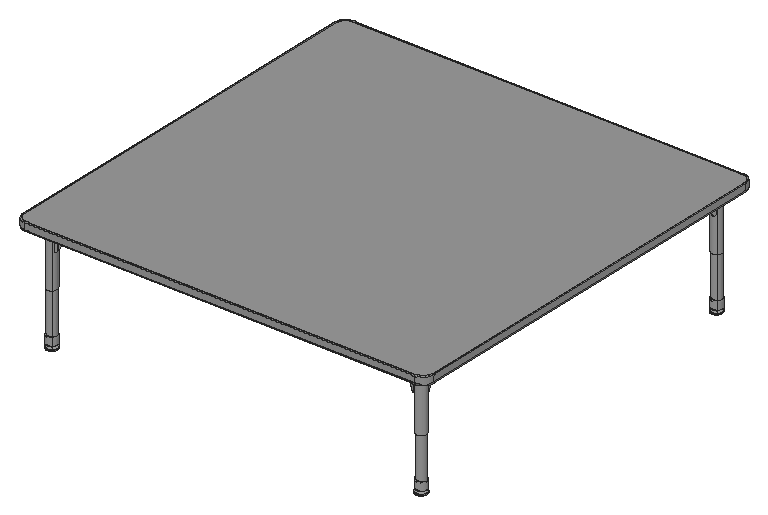
Revit family "Hierarchy Activity 60in Square Table - Youth Height", category Furniture, Revit 2018
Family settings
  Work Plane-Based = No
  Always vertical = Yes
  Cut with Voids When Loaded = No
  Shared = No
  Room Calculation Point = No
Parameters
  Table Height = 1' - 4"
  Surface = Hierarchy Activity 60" Square Table Youth Surface
  Leg Finish = Hierarchy Leg Platinum
  Edgeband = Hierarchy Activity 60" Square Table Youth Edgeband
  Caster/Glide = Hierarchy Youth Leg - Glide : Hierarchy Youth Leg - Glide
Reference planes (in)
  plane 1 "Center (Front/Back)": y = 0
  plane 2: z = 0
  plane 3 "Center (Left/Right)": x = 0
  plane 4: z = 16
Dimensions and locks (in)
  "Table Height": plane 4 to level
  aligned and locked: plane 2 to level
  aligned and locked: nested 1 to plane 4
Nested families (in)
  nested 1: "Activity 60x60 Tabletop" at (0, 0, -7.925), type "Activity 60x60 Tabletop"
  nested 2: "Hierarchy Youth Leg - Glide" at (-27, 27, 0) x (0.7071, 0.7071, 0) z (0, 0, 1), Leg Height <- "Table Height", type <- "Caster/Glide", Leg Finish <- "Leg Finish", type "Hierarchy Youth Leg - Glide"
    with Leg Height 1' - 4", Leg Finish Hierarchy Leg Platinum
  nested 3: "Hierarchy Youth Leg - Glide" at (-27, -27, 0) x (0.7071, -0.7071, 0) z (0, 0, 1), Leg Height <- "Table Height", type <- "Caster/Glide", Leg Finish <- "Leg Finish", type "Hierarchy Youth Leg - Glide"
    with Leg Height 1' - 4", Leg Finish Hierarchy Leg Platinum
  nested 4: "Hierarchy Youth Leg - Glide" at (27, 27, 0) x (-0.7071, 0.7071, 0) z (0, 0, 1), Leg Height <- "Table Height", Leg Finish <- "Leg Finish", type "Hierarchy Youth Leg - Glide"
    with Leg Height 1' - 4", Leg Finish Hierarchy Leg Platinum
  nested 5: "Hierarchy Youth Leg - Glide" at (27, -27, 0) x (-0.7071, -0.7071, 0) z (0, 0, 1), Leg Height <- "Table Height", Leg Finish <- "Leg Finish", type "Hierarchy Youth Leg - Glide"
    with Leg Height 1' - 4", Leg Finish Hierarchy Leg Platinum
Definition of nested family "Activity 60x60 Tabletop"
  Parameters (values of type "Activity 60x60 Tabletop")
    Surface = none
    Edgeband = none
  Reference planes (in)
    plane 1 "Center (Front/Back)": y = 0
    plane 2: z = 0
    plane 3 "Center (Left/Right)": x = 0
  Forms (in)
    Extrusion 1, solid, material <- "Surface"
      sketch origin (0, 3, 0) x (1, 0, 0) y (0, 1, 0)
        loop
          line (28.5, 26.88281) -> (-28.5, 26.88281)
          arc (-28.5, 26.88281) -> (-29.47714, 26.47807) -> (-29.88189, 25.50092) r 1.38189
          line (-29.88189, 25.50092) -> (-29.88189, -31.50092)
          arc (-29.88189, -31.50092) -> (-29.47714, -32.47807) -> (-28.5, -32.88281) r 1.38189
          line (-28.5, -32.88281) -> (28.5, -32.88281)
          arc (28.5, -32.88281) -> (29.47714, -32.47807) -> (29.88189, -31.50092) r 1.38189
          line (29.88189, -31.50092) -> (29.88189, 25.50092)
          arc (29.88189, 25.50092) -> (29.47714, 26.47807) -> (28.5, 26.88281) r 1.38189
      from 23.925 to 25.125
    Sweep 2, solid, material <- "Edgeband"
      path origin (0, 3, 0) x (1, 0, 0) y (0, 1, 0)
        loop
          line (28.5, 26.88281) -> (-28.5, 26.88281)
          arc (-28.5, 26.88281) -> (-29.47714, 26.47807) -> (-29.88189, 25.50092) r 1.38189
          line (-29.88189, 25.50092) -> (-29.88189, -31.50092)
          arc (-29.88189, -31.50092) -> (-29.47714, -32.47807) -> (-28.5, -32.88281) r 1.38189
          line (-28.5, -32.88281) -> (28.5, -32.88281)
          arc (28.5, -32.88281) -> (29.47714, -32.47807) -> (29.88189, -31.50092) r 1.38189
          line (29.88189, -31.50092) -> (29.88189, 25.50092)
          arc (29.88189, 25.50092) -> (29.47714, 26.47807) -> (28.5, 26.88281) r 1.38189
      profile origin (0, 29.88281, 0) x (0, -1, 0) y (0, 0, 1)
        loop
          arc (-0.11811, 24.04311) -> (-0.08352, 23.95959) -> (0, 23.925) r 0.11811
          line (0, 23.925) -> (0, 25.125)
          arc (0, 25.125) -> (-0.08352, 25.09041) -> (-0.11811, 25.00689) r 0.11811
          line (-0.11811, 25.00689) -> (-0.11811, 24.04311)
  Dimensions and locks (in)
    aligned and locked: plane 2 to level
Definition of nested family "Hierarchy Youth Leg - Glide"
  Parameters (values of type "Hierarchy Youth Leg - Glide")
    Leg Finish [instance] = none
    Leg Height [instance] = 1' - 4.80117"
  Reference planes (in)
    plane 1 "Center (Front/Back)": y = 0
    plane 2: z = 0
    plane 3 "Center (Left/Right)": x = 0
  Forms (in)
    Extrusion 1, solid
      sketch origin (-0.01562, 0, 0) x (1, 0, 0) y (0, 1, 0)
        loop
          circle (0.01563, 0) r 0.67016
      from 0.67618 to 10.55018
    Revolve 2, solid
      sketch origin (0, 0, 0) x (1, 0, 0) y (0, 0, 1)
        loop
          line (-0.73189, 1.80118) -> (-0.79439, 1.73867) -> (-0.79439, 0.61381) -> (-0.73176, 0.55118) -> (-0.125, 0.55118) -> (-0.125, 0.42618) -> (-0.84656, 0.16241) -> (-0.84656, 0.08994) -> (-0.81359, 0) -> (0, 0) -> (0, 1.80118) -> (-0.73189, 1.80118)
        axis (0, 1.80118) -> (0, 0)
      angle from 0 to 360
  Dimensions and locks (in)
    "Leg Height": nested 1 to level  (x2)
    aligned and locked: plane 2 to level
  Automatic sketch dimensions
    plane 1 "Center (Front/Back)" to Extrusion 1 sketch curve = 0' - 0"
    Extrusion 1 sketch curve to plane 3 "Center (Left/Right)" = 0' - 0"
    Revolve 2 sketch curve to level = 0' - 0"
    Revolve 2 sketch curve to plane 3 "Center (Left/Right)" = 0' - 0"  (x2)
    Revolve 2 sketch curve to plane 3 "Center (Left/Right)" = 0' - 0 1/8"
    Revolve 2 sketch curve to Revolve 2 sketch curve = 0' - 0.60676"
    Revolve 2 sketch curve to Revolve 2 sketch curve = 0' - 0.73189"
    Revolve 2 sketch curve to Revolve 2 sketch curve = 0' - 0.06263"  (x2)
    Revolve 2 sketch curve to Revolve 2 sketch curve = 0' - 0.08183"
    Revolve 2 sketch curve to Revolve 2 sketch curve = 0' - 0.03297"
    level to Revolve 2 sketch curve = 0' - 0.08994"
    Revolve 2 sketch curve to Revolve 2 sketch curve = 0' - 0.07247"
    level to Revolve 2 sketch curve = 0' - 0.42618"
    Revolve 2 sketch curve to Revolve 2 sketch curve = 0' - 0 1/8"
    Revolve 2 sketch curve to Revolve 2 sketch curve = 0' - 1.12486"
    Revolve 2 sketch curve to Revolve 2 sketch curve = 0' - 0 1/16"
    Revolve 2 sketch curve to level = 2' - 0"
    Revolve 2 sketch curve to Revolve 2 sketch curve = 8' - 4.91764"
    radius of Extrusion 1 sketch curve = 0' - 0.67016"
  Nested families (in)
    nested 1: "Hierarchy Youth Upper Leg 2023" at (0, 0, 0), Leg Finish <- "Leg Finish", type "Hierarchy Youth Upper Leg 2023"
      with Leg Finish none
  Definition of nested family "Hierarchy Youth Upper Leg 2023"
    Parameters (values of type "Hierarchy Youth Upper Leg 2023")
      Leg Finish [instance] = none
    Reference planes (in)
      plane 1 "Center (Front/Back)": y = 0
      plane 2: z = 0
      plane 3 "Center (Left/Right)": x = 0
    Forms (in)
      Extrusion 1, solid, material <- "Leg Finish"
        sketch origin (0, 0, -11.001) x (1, 0, 0) y (0, 1, 0)
          loop
            circle (0, 0) r 0.75
        from 19.67618 to 27.67618
      Extrusion 2, solid, material <- "Leg Finish"
        sketch origin (0, 0, -11.001) x (1, 0, 0) y (0, 1, 0)
          loop
            line (-1.70174, 0.19183) -> (-2.88626, -2.26116)
            arc (-2.88626, -2.26116) -> (-2.83993, -3.09822) -> (-2.1063, -3.50394) r 0.86614
            line (-2.1063, -3.50394) -> (2.1063, -3.50394)
            arc (2.1063, -3.50394) -> (2.83993, -3.09822) -> (2.88626, -2.26116) r 0.86614
            line (2.88626, -2.26116) -> (1.70174, 0.19183)
            arc (1.70174, 0.19183) -> (0, 1.25984) -> (-1.70174, 0.19183) r 1.88976
        from 27.67618 to 27.80217
      Extrusion 3, solid, material <- "Leg Finish"
        sketch origin (-1.48519, 8.66524, -11.001) x (-0.434844, 0.900506, 0) y (0, 0, 1)
          loop
            line (-9.01425, 27.67618) -> (-11.80952, 27.67618)
            arc (-11.80952, 27.67618) -> (-11.92325, 27.58993) -> (-11.87088, 27.45715) r 0.11811
            arc (-11.87088, 27.45715) -> (-10.39364, 26.29679) -> (-9.23328, 24.81955) r 7.87402
            arc (-9.23328, 24.81955) -> (-9.1005, 24.76717) -> (-9.01425, 24.88091) r 0.11811
            line (-9.01425, 24.88091) -> (-9.01425, 27.67618)
        from -1.94075 to -1.81476
      Extrusion 4, solid, material <- "Leg Finish"
        sketch origin (1.48519, 8.66524, -11.001) x (0.434844, 0.900506, 0) y (0, 0, -1)
          loop
            line (-9.01425, -27.67618) -> (-9.01425, -24.88091)
            arc (-9.01425, -24.88091) -> (-9.1005, -24.76717) -> (-9.23328, -24.81955) r 0.11811
            arc (-9.23328, -24.81955) -> (-10.39364, -26.29679) -> (-11.87088, -27.45715) r 7.87402
            arc (-11.87088, -27.45715) -> (-11.92325, -27.58993) -> (-11.80952, -27.67618) r 0.11811
            line (-11.80952, -27.67618) -> (-9.01425, -27.67618)
        from -1.94075 to -1.81476
    Dimensions and locks (in)
      aligned and locked: plane 2 to level
